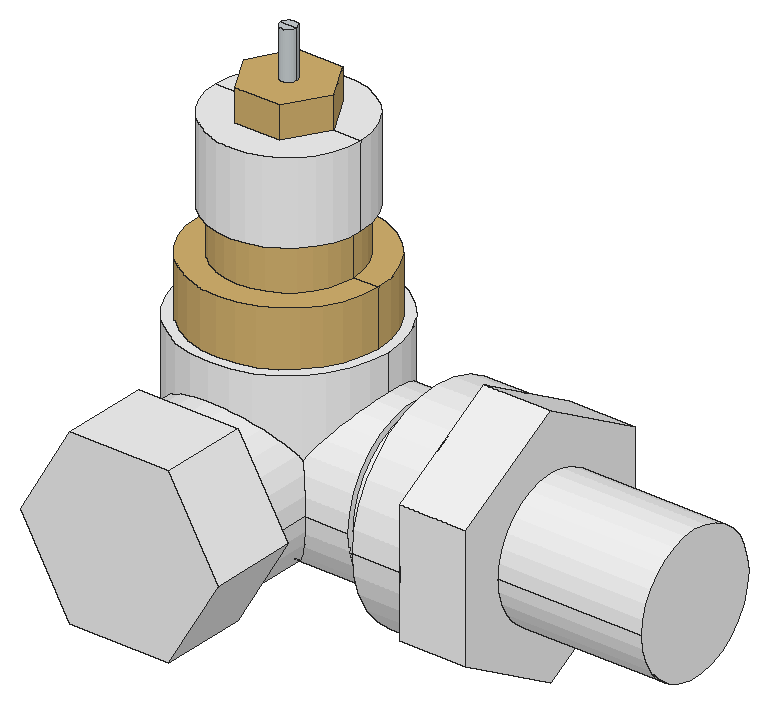
Revit family "1RA-IN_Double Angle_Left_DN10-15_RFA", category Pipe Accessories, Revit 2019
Family settings
  Round Connector Dimension = Use Diameter
  Part Type = Valve - Breaks Into
  OmniClass Number = 23.65.55.14.17
  OmniClass Title = Adjusting/Controlling Valves for Liquid Services
  Work Plane-Based = No
  Always vertical = Yes
  Cut with Voids When Loaded = No
  Shared = No
Parameters (values of type "RA-IN_Double Angle_Left_DN10_013G6572")
  Weight = 0.23 kg
  W = L_nut thread2 / 2 + L5  # 40.50 mm
  Setting Range = "1-4,N"  # constant formula
  SH = 33.00 mm  # constant formula
  R_200_1 = 15.50 mm
  R_200 = 12.60 mm
  RV6 = 10.00 mm
  RV2 = 9.80 mm
  RV3 = 13.50 mm
  RV4 = 8.50 mm
  RV1_1 = 9.80 mm
  RB3_1 = 10.30 mm
  RB2 = 10.50 mm
  RB1 = 11.30 mm
  RB = 12.80 mm
  Pressure Drop [instance] = 0.0 bar
  Model Type = "RA-IN_Double Angle_Left_DN10"
  Model = "013G6572"
  Max Operating Pressure = "10 bar"  # constant formula
  Max Medium Temperature = "120 ˚C"  # constant formula
  Max Differential Pressure = "0.6 bar"  # constant formula
  L_nut thread2 = 27.00 mm
  L_nut thread1 = 22.00 mm
  LOD 350 = not(LOD 200)  # yes
  LOD 200 = no
  L6 = 16.00 mm
  L5 = 27.00 mm
  L3 = 3.00 mm
  L1 = 16.00 mm
  L2 = 6.00 mm
  L4 = 8.50 mm
  SL = L1 + L2 + L3 + L4  # 33.50 mm
  LL = 52.00 mm
  L = RB + LL  # 64.80 mm
  Kvs = 0.65 m³/h
  IfcExportType = "RA-IN"  # constant formula
  IfcExportAs = "IfcValveType"  # constant formula
  H1 = 15.00 mm
  Valve Body Material = Danfoss Brass (Nickel plated)
  URL = "https://store.danfoss.com/fr/en/Climate-Solutions-for-heating/Radiator-Thermostats/Radiator-Valves/Build-on-valves/Presetting-valves/c/13866?q=%3Arelevance%3Adanfoss_producttypehierarchydesc%3ARA-IN%3Adanfoss_a223339155%3AA223_33915501594e3503226e5e7ace73d508d9a830"
  RV1 = 10.50 mm
  Manufacturer = "Danfoss"  # constant formula
  RB3 = 12.80 mm
  HH = 22.00 mm
  HT = 48.00 mm  # constant formula
  H = R_200_1 + HT  # 63.50 mm
  Flow [instance] = 0.0 m³/h
  Description = "Thermostatic Radiator Valve"  # constant formula
  DB4 = 25.60 mm
  D = 10.00 mm
  Connection = "Internal thread"  # constant formula
Types (2, lengths in mm): name | Weight | W | R_200_1 | R_200 | RV2 | RV3 | RV4 | RV1_1 | RB3_1 | RB2 | RB | Model Type | Model | L_nut thread2 | L_nut thread1 | L6 | L5 | L3 | L1 | L2 | L4 | SL | LL | L | Kvs | RV1 | H | DB4 | D
  RA-IN_Double Angle_Left_DN10_013G6572 | 0.23 kg | 40.50 | 15.50 | 12.60 | 9.80 | 13.50 | 8.50 | 9.80 | 10.30 | 10.50 | 12.80 | "RA-IN_Double Angle_Left_DN10" | "013G6572" | 27.00 | 22.00 | 16.00 | 27.00 | 3.00 | 16.00 | 6.00 | 8.50 | 33.50 | 52.00 | 64.80 | 0.65 m³/h | 10.50 | 63.50 | 25.60 | 10.00
  RA-IN_Double Angle_Left_DN15_013G6574 | 0.29 kg | 48.00 | 17.321 | 15.588 | 11.50 | 15.00 | 10.50 | 11.50 | 1.00 | 13.00 | 15.59 | "RA-IN_Double Angle_Left_DN15" | "013G6574" | 30.00 | 27.00 | 17.00 | 33.00 | 6.00 | 17.00 | 4.00 | 10.00 | 37.00 | 58.00 | 73.59 | 0.9 m³/h | 13.00 | 65.321 | 25.00 | 15.00
Reference planes
  plane 1 "Center (Front/Back)": y = 0
  plane 2 "XYPLANE": z = 0
  plane 3 "Center (Left/Right)": x = 0
  plane 4 "56": z = 48
  plane 5 "54": z = 7.5
  plane 6 "51": x = 0
  plane 7 "50": y = 0
  plane 8 "49": z = 0
  plane 9 "48": x = 25
  plane 10: z = 9
  plane 11: z = 15
  plane 12: x = 52
  plane 13: x = 33.5
  plane 14: x = 19
  plane 15: x = 16
  plane 16: y = -27
  plane 17: y = -16
  plane 18: z = -10.5
  plane 19: x = -12.8
  plane 20: z = -15.5
  plane 21: y = 13.5
Forms (mm)
  Extrusion 1, solid, material "Danfoss Brass (Nickel plated)" <- "Valve Body Material", visible <- "LOD 350", detail levels fine
    sketch origin (0, 0, 0) x (1, 0, 0) y (0, 1, 0)
      loop
        circle (0, 0) r 12.8
    from 15 to 0
  Extrusion 2, solid, material "Danfoss Brass (Nickel plated)" <- "Valve Body Material", visible <- "LOD 350", detail levels fine
    sketch origin (16.7, -750, 0) x (0, 1, 0) y (0, 0, 1)
      loop
        circle (750, 0) r 10.5
    from -0.7 to -16.7
  Extrusion 3, solid, material "Danfoss Brass (Nickel plated)" <- "Valve Body Material", visible <- "LOD 350", detail levels fine
    sketch origin (25, -750, 0) x (0, 1, 0) y (0, 0, 1)
      loop
        line (750, 15.588) -> (736.5, 7.794) -> (736.5, -7.794) -> (750, -15.588) -> (763.5, -7.794) -> (763.5, 7.794) -> (750, 15.588)
    from 8.5 to 0
  Extrusion 4, solid, material "Danfoss Brass (Nickel plated)" <- "Valve Body Material", visible <- "LOD 350", detail levels fine
    sketch origin (25, -750, 0) x (0, 1, 0) y (0, 0, 1)
      loop
        circle (750, 0) r 13.5
    from 0 to -6
  Blend 5, solid, material "Danfoss Brass (Nickel plated)" <- "Valve Body Material", visible <- "LOD 350", detail levels fine
    base sketch origin (0, 0, 0) x (0, 1, 0) y (0, 0, 1)
      loop
        circle (0, 0) r 9.8
    top sketch origin (0, 0, 0) x (0, 1, 0) y (0, 0, 1)
      loop
        circle (0, 0) r 9.8
    from 16 to 19
  Extrusion 6, solid, material "Danfoss Brass (Nickel plated)" <- "Valve Body Material", detail levels fine
    sketch origin (25, -750, 0) x (0, 1, 0) y (0, 0, 1)
      loop
        circle (750, 0) r 8.5
    from 8.5 to 27
  Revolve 7, solid, material "Danfoss Brass (Nickel plated)" <- "Valve Body Material", visible <- "LOD 200", detail levels fine
    sketch origin (0, 0, 0) x (1, 0, 0) y (0, 0, 1)
      loop
        line (0, -10.5) -> (12.8, -10.5) -> (12.8, 15) -> (0, 15) -> (0, -10.5)
      axis (0, -10.5) -> (0, 15)
    angle from 0 to 360
  Extrusion 8, solid, material "Danfoss Brass (Nickel plated)" <- "Valve Body Material", visible <- "LOD 200", detail levels fine
    sketch origin (0, 0, 0) x (0, 1, 0) y (0, 0, 1)
      loop
        circle (0, 0) r 10.5
    from 0 to 25
  Revolve 9, solid, material "Danfoss Brass (Nickel plated)" <- "Valve Body Material", visible <- "LOD 350", detail levels fine
    sketch origin (0, 0, 0) x (0, 1, 0) y (0, 0, 1)
      loop
        line (0, 10.5) -> (0, -10.5)
        arc (0, -10.5) -> (10.5, 0) -> (0, 10.5) r 10.5
      axis (0, -10.5) -> (0, 10.5)
    angle from 0 to 360
  Extrusion 10, solid, material "Danfoss Brass (Nickel plated)" <- "Valve Body Material", detail levels fine
    sketch origin (0, 0, 0) x (1, 0, 0) y (0, 0, 1)
      loop
        circle (0, 0) r 10.5
    from 0 to 16
  Extrusion 11, solid, material "Danfoss Brass (Nickel plated)" <- "Valve Body Material", visible <- "LOD 350", detail levels fine
    sketch origin (0, 0, 0) x (1, 0, 0) y (0, 0, 1)
      loop
        line (-6.351, 11) -> (-12.702, 0) -> (-6.351, -11) -> (6.351, -11) -> (12.702, 0) -> (6.351, 11) -> (-6.351, 11)
    from 16 to 27
  Extrusion 12, solid, material "Danfoss Brass (Nickel plated)" <- "Valve Body Material", visible <- "LOD 200", detail levels fine
    sketch origin (0, 0, 0) x (1, 0, 0) y (0, 0, 1)
      loop
        circle (0, 0) r 12.6
    from 16 to 27
  Extrusion 13, solid, material "Danfoss Brass (Nickel plated)" <- "Valve Body Material", visible <- "LOD 200", detail levels fine
    sketch origin (25, -750, 0) x (0, 1, 0) y (0, 0, 1)
      loop
        circle (750, 0) r 15.5
    from 0 to 8.5
  Blend 14, solid, material "Danfoss Brass (Nickel plated)" <- "Valve Body Material", visible <- "LOD 350", detail levels fine
    base sketch origin (0, 0, 0) x (1, 0, 0) y (0, 1, 0)
      loop
        circle (0, 0) r 10.3
    top sketch origin (0, 0, 0) x (1, 0, 0) y (0, 1, 0)
      loop
        circle (0, 0) r 12.8
    from -3 to 0
Lines and regions (mm)
  reference lines, not visible
    curve 1: circle (2, 2, 0) r 1 normal (0, 0, 1)
  reference lines
    curve 2: line (0, 0, -22) -> (0, 5, -22)
    curve 3: line (25, 0, 0) -> (25, 2.625, -4.547)
    curve 4: line (25, 0, 0) -> (25, 5.25, 0)
    curve 5: line (25, 0, 0) -> (25, 2.625, 4.547)
Dimensions and locks
  plane 1 "Center (Front/Back)" to curve 1 = 2.00 mm
  locked: plane 3 "Center (Left/Right)" to plane 6 "51"
  locked: plane 1 "Center (Front/Back)" to plane 7 "50"
  locked: plane 2 "XYPLANE" to plane 8 "49"
  "LL": plane 12 to plane 3 "Center (Left/Right)"
  "L4": plane 9 "48" to plane 13
  "L2": plane 14 to plane 9 "48"
  "L3": plane 15 to plane 14
  "L1": plane 3 "Center (Left/Right)" to plane 15
  plane 9 "48" to plane 3 "Center (Left/Right)" = 25.00 mm
  "RB3": Revolve 7 sketch curve to Revolve 7 sketch curve
  equal spacing: Extrusion 3 sketch curve, plane 1 "Center (Front/Back)", Extrusion 3 sketch curve  (x3)
  "L_nut thread2": Extrusion 3 sketch curve to Extrusion 3 sketch curve  (x3)
  "L5": plane 16 to plane 1 "Center (Front/Back)"
  "L6": plane 17 to plane 1 "Center (Front/Back)"
  "L_nut thread1": Extrusion 11 sketch curve to Extrusion 11 sketch curve  (x3)
  equal spacing: Extrusion 11 sketch curve, level, Extrusion 11 sketch curve
  equal spacing: Extrusion 11 sketch curve, plane 3 "Center (Left/Right)", Extrusion 11 sketch curve  (x2)
  "RB2": level to plane 18
  "R_200_1": level to plane 20
  "H": plane 4 "56" to plane 20
  "W": plane 21 to plane 16
  "L": plane 12 to plane 19
  "H1": plane 11 to level
  plane 4 "56" to level = 48.00 mm
  "RB3": radius of Extrusion 1 sketch curve
  "RV1": radius of Extrusion 2 sketch curve
  "RV3": radius of Extrusion 4 sketch curve
  "RV1_1": radius of Blend 5 sketch curve
  "RV2": radius of Blend 5 sketch curve
  "RV4": radius of Extrusion 6 sketch curve
  "RV1": radius of Extrusion 8 sketch curve
  "RB2": radius of Revolve 9 sketch curve
  "RB2": radius of Extrusion 10 sketch curve
  "R_200": radius of Extrusion 12 sketch curve
  "R_200_1": radius of Extrusion 13 sketch curve
  "RB3_1": radius of Blend 14 sketch curve
  "RB3": radius of Blend 14 sketch curve
  locked: curve 4 to curve 3 (angle 60.00°)
  locked: curve 5 to curve 4 (angle 60.00°)
  locked: curve 5 to curve 3 (angle 120.00°)
  angle Extrusion 11 sketch curve to Extrusion 11 sketch curve = 120.00°  (x6)
  angle Extrusion 3 sketch curve to Extrusion 3 sketch curve = 120.00°  (x6)
  aligned and locked: level to plane 2 "XYPLANE"
  aligned and locked: plane 6 "51" to Extrusion 1 sketch curve
  aligned and locked: plane 7 "50" to Extrusion 1 sketch curve
  aligned and locked: Extrusion 2 sketch curve to plane 7 "50"
  aligned and locked: plane 8 "49" to Extrusion 2 sketch curve
  aligned and locked: curve 5 to plane 7 "50"
  aligned and locked: plane 8 "49" to curve 5
  aligned and locked: plane 8 "49" to Extrusion 4 sketch curve
  aligned and locked: Extrusion 2 to plane 15
  aligned and locked: Extrusion 4 to plane 14
  aligned and locked: plane 1 "Center (Front/Back)" to Extrusion 4 sketch curve
  aligned and locked: level to Extrusion 4 sketch curve
  aligned and locked: Extrusion 3 to plane 9 "48"
  aligned and locked: plane 13 to Extrusion 3
  aligned and locked: Extrusion 2 to plane 3 "Center (Left/Right)"
  aligned and locked: plane 1 "Center (Front/Back)" to Blend 5 sketch curve  (x2)
  aligned and locked: level to Blend 5 sketch curve  (x2)
  aligned and locked: Blend 5 to plane 15
  aligned and locked: Blend 5 to plane 14
  aligned and locked: plane 1 "Center (Front/Back)" to Extrusion 6 sketch curve
  aligned and locked: level to Extrusion 6 sketch curve
  aligned and locked: Extrusion 6 to plane 13
  aligned and locked: plane 12 to Extrusion 6
  aligned and locked: Revolve 7 sketch curve to plane 3 "Center (Left/Right)"
  aligned and locked: Revolve 7 sketch curve to Revolve 7 sketch curve
  aligned and locked: level to Extrusion 8 sketch curve
  aligned and locked: plane 1 "Center (Front/Back)" to Extrusion 8 sketch curve
  aligned and locked: Extrusion 8 to plane 9 "48"
  aligned and locked: Extrusion 1 to level
  aligned and locked: plane 1 "Center (Front/Back)" to Revolve 9 sketch curve  (x2)
  aligned and locked: level to Revolve 9 sketch curve
  aligned and locked: Revolve 9 sketch curve to plane 1 "Center (Front/Back)"
  aligned and locked: plane 3 "Center (Left/Right)" to Extrusion 10 sketch curve
  aligned and locked: level to Extrusion 10 sketch curve
  aligned and locked: Extrusion 10 to plane 17
  aligned and locked: Extrusion 11 to plane 16
  aligned and locked: plane 17 to Extrusion 11
  aligned and locked: plane 11 to Revolve 7
  aligned and locked: plane 18 to Revolve 7
  aligned and locked: plane 3 "Center (Left/Right)" to Extrusion 12 sketch curve
  aligned and locked: level to Extrusion 12 sketch curve
  aligned and locked: plane 17 to Extrusion 12
  aligned and locked: Extrusion 12 to plane 16
  aligned and locked: plane 1 "Center (Front/Back)" to Extrusion 13 sketch curve
  aligned and locked: level to Extrusion 13 sketch curve
  aligned and locked: Extrusion 13 to plane 9 "48"
  aligned and locked: plane 13 to Extrusion 13
  aligned and locked: plane 11 to Extrusion 1
  aligned and locked: plane 6 "51" to Blend 14 sketch curve
  aligned and locked: plane 7 "50" to Blend 14 sketch curve
  aligned and locked: level to Blend 14
  aligned and locked: plane 11 to nested 1
  aligned and locked: plane 3 "Center (Left/Right)" to nested 1
  aligned and locked: plane 1 "Center (Front/Back)" to nested 1
  aligned and locked: plane 1 "Center (Front/Back)" to nested 2
  aligned and locked: plane 3 "Center (Left/Right)" to nested 2
Automatic sketch dimensions
  plane 3 "Center (Left/Right)" to curve 1 = 2.00 mm
  curve 2 to plane 3 "Center (Left/Right)" = 0.00 mm
  plane 1 "Center (Front/Back)" to curve 2 = 0.00 mm
  curve 2 to plane 1 "Center (Front/Back)" = 5.00 mm
  Revolve 7 sketch curve to plane 18 = 0.00 mm
  Revolve 7 sketch curve to plane 5 "54" = 0.00 mm
  Revolve 7 sketch curve to plane 11 = 0.00 mm
  Revolve 7 sketch curve to Revolve 7 sketch curve = 1.00 mm
  Revolve 9 sketch curve to plane 5 "54" = 0.00 mm
  plane 20 to Revolve 9 sketch curve = 1.00 mm
  Extrusion 10 sketch curve to level = 0.00 mm
  Blend 14 sketch curve to plane 3 "Center (Left/Right)" = 0.00 mm  (x2)
  plane 1 "Center (Front/Back)" to Blend 14 sketch curve = 0.00 mm
  radius of curve 1 = 1.00 mm
Nested families
  nested 1: "connection neck" at (0, 0, 15), LOD 200 <- "LOD 200", type "connection", detail levels fine
    with LOD 350 yes, LOD 200 no, DN20(350) no, DN10-15(350) yes
  nested 2: "Schematic_TRV_Angle Left" at (0, 0, 0), type "Schematic_TRV_Angle Left", detail levels coarse+medium
Connectors
  piping at (0, -27, 0), diameter 10, driven by "D", driven by "Flow"
    settings: on Extrusion 11, index 1, connector inside diameter 609.6 mm, connector length 0.00 mm, flow factor 0, pipe flow 0.0 m³/h, pressure drop 0.0 bar, fitting loss kfactor 0, connector angle 0.00°, fixture units 0, engagement length 0.00 mm, angle of deflection 0.00°, flow configuration 0, flow direction 1, fitting loss method 0, system type 29, joint type 0, gender type 0, connector reference index 2, connector utility 0, adjustable connector no, is connector primary yes, connector description ""
  piping at (33.5, 0, 0), diameter 10, driven by "D", driven by "Flow"
    settings: on Extrusion 3, index 2, connector inside diameter 609.6 mm, connector length 0.00 mm, flow factor 0, pipe flow 0.0 m³/h, pressure drop 0.0 bar, fitting loss kfactor 0, connector angle 0.00°, fixture units 0, engagement length 0.00 mm, angle of deflection 0.00°, flow configuration 0, flow direction 2, fitting loss method 0, system type 29, joint type 0, gender type 0, connector reference index 1, connector utility 0, adjustable connector no, is connector primary no, connector description ""
Definition of nested family "connection neck"
  Parameters (values of type "connection")
    Model = ""
    Valve Body Material = none
    LOD 350 [instance] = not(LOD 200)  # yes
    LOD 200 [instance] = no
    IfcExportType = "Connection neck"  # constant formula
    IfcExportAs = "IfcValveType"  # constant formula
    URL = "https://store.danfoss.com/en/Climate-Solutions-for-heating/Radiator-Thermostats/Radiator-Valves/Build-on-valves/Presetting-valves/c/13866?q=%3Arelevance%3Adanfoss_producttypehierarchydesc%3ARA-N&text="
    Manufacturer = "Danfoss"  # constant formula
    HT1 = if(D = 20.00 mm, 12.55 mm, 12.65 mm)  # 12.55 mm
    HT = 33.00 mm  # constant formula
    H [instance] = 33.00 mm
    Description = "Thermostatic Radiator Valve"  # constant formula
    DN20(350) [instance] = and((LOD 350), D = 20.00 mm)  # yes
    DN10-15(350) [instance] = and((LOD 350), D < 20.00 mm)  # no
    D = 20.00 mm
  Reference planes
    plane 1 "Center (Front/Back)": y = 0
    plane 2 "XYPLANE": z = 6
    plane 3 "Center (Left/Right)": x = 0
    plane 4 "67": z = 26.93
    plane 5 "66": z = 7
    plane 6 "63": x = 0
    plane 7 "60": y = 0
    plane 8 "59": z = 0
    plane 9: z = 33
    plane 10: z = 12.65
    plane 11: z = 0
    plane 12 "HT1": z = 12.55
    plane 13: z = 6.1
    plane 14: z = 22.93
  Forms (mm)
    Revolve 1, solid, detail levels fine
      sketch origin (0, 0, 0) x (1, 0, 0) y (0, 0, 1)
        loop
          line (0, 33) -> (0, 26.93) -> (1, 26.93) -> (1, 33) -> (0, 33)
        axis (0, 26.93) -> (0, 33)
      angle from 0 to 360
    Revolve 2, solid, visible <- "DN10-15(350)", detail levels fine
      sketch origin (0, 0, 0) x (1, 0, 0) y (0, 0, 1)
        loop
          line (0, 0) -> (11.5, 0) -> (11.5, 7) -> (8.3, 7) -> (8.3, 12.55) -> (0, 12.55) -> (0, 0)
        axis (0, 12.55) -> (0, 0)
      angle from 0 to 360
    Revolve 3, solid, material <- "Valve Body Material", detail levels fine
      sketch origin (0, 0, 0) x (1, 0, 0) y (0, 0, 1)
        loop
          line (0, 22.93) -> (0, 12.55) -> (9.3, 12.55) -> (9.3, 22.93) -> (0, 22.93)
        axis (0, 12.55) -> (0, 22.93)
      angle from 0 to 360
    Revolve 4, solid, visible <- "LOD 200", detail levels fine
      sketch origin (0, 0, 0) x (1, 0, 0) y (0, 0, 1)
        loop
          line (0, 0) -> (11.5, 0) -> (11.5, 12.55) -> (0, 12.55) -> (0, 0)
        axis (0, 0) -> (0, 12.55)
      angle from 0 to 360
    Extrusion 5, solid, visible <- "LOD 350", detail levels fine
      sketch origin (0, 0, 0) x (1, 0, 0) y (0, 1, 0)
        loop
          line (-2.887, 5) -> (-5.774, 0) -> (-2.887, -5) -> (2.887, -5) -> (5.774, 0) -> (2.887, 5) -> (-2.887, 5)
      from 22.93 to 26.93
    Revolve 6, solid, visible <- "LOD 200", detail levels fine
      sketch origin (0, 0, 0) x (1, 0, 0) y (0, 0, 1)
        loop
          line (0, 26.93) -> (0, 22.93) -> (5.774, 22.93) -> (5.774, 26.93) -> (0, 26.93)
        axis (0, 26.93) -> (0, 22.93)
      angle from 0 to 360
    Revolve 7, solid, visible <- "DN20(350)", detail levels fine
      sketch origin (0, 0, 0) x (1, 0, 0) y (0, 0, 1)
        loop
          line (0, 0) -> (11.5, 0) -> (11.5, 6.1) -> (8.3, 6.1) -> (8.3, 12.55) -> (0, 12.55) -> (0, 0)
        axis (0, 12.55) -> (0, 0)
      angle from 0 to 360
  Lines and regions (mm)
    reference lines, not visible
      curve 1: circle (2, 2, 0) r 1 normal (0, 0, 1)
    reference lines, visible <- "LOD 350"
      curve 2: line (32, 0, 0) -> (32, 5.846, -3.375)
      curve 3: line (32, 0, 0) -> (32, 0, -6.75)
      curve 4: line (32, 0, 0) -> (32, -5.846, -3.375)
      curve 5: line (-29, 0, 0) -> (-29, -4.98, -2.875)
      curve 6: line (-29, 0, 0) -> (-29, 0, -5.75)
      curve 7: line (-29, 0, 0) -> (-29, 4.98, -2.875)
  Dimensions and locks
    plane 1 "Center (Front/Back)" to curve 1 = 2.00 mm
    locked: plane 3 "Center (Left/Right)" to plane 6 "63"
    locked: plane 1 "Center (Front/Back)" to plane 7 "60"
    plane 8 "59" to plane 2 "XYPLANE" = 6.00 mm
    "HT": plane 9 to level
    Revolve 3 sketch curve to Revolve 3 sketch curve = 9.30 mm
    Revolve 2 sketch curve to plane 3 "Center (Left/Right)" = 11.50 mm
    Revolve 2 sketch curve to plane 3 "Center (Left/Right)" = 8.30 mm
    Revolve 4 sketch curve to Revolve 4 sketch curve = 11.50 mm
    Extrusion 5 sketch curve to Extrusion 5 sketch curve = 10.00 mm  (x3)
    equal spacing: Extrusion 5 sketch curve, plane 1 "Center (Front/Back)", Extrusion 5 sketch curve
    equal spacing: Extrusion 5 sketch curve, plane 3 "Center (Left/Right)", Extrusion 5 sketch curve  (x2)
    Revolve 6 sketch curve to Revolve 6 sketch curve = 5.774 mm
    "H": plane 9 to plane 11
    Revolve 1 sketch curve to Revolve 1 sketch curve = 1.00 mm
    locked: level to plane 11
    Revolve 7 sketch curve to plane 3 "Center (Left/Right)" = 8.30 mm
    Revolve 7 sketch curve to plane 3 "Center (Left/Right)" = 11.50 mm
    plane 10 to plane 5 "66" = 5.65 mm
    "HT1": plane 12 "HT1" to level
    locked: plane 13 to level at 6.1
    plane 12 "HT1" to plane 13 = 6.45 mm
    locked: plane 14 to plane 12 "HT1" at 10.38
    locked: plane 4 "67" to plane 14 at 4
    locked: plane 5 "66" to level at 7
    locked: curve 3 to curve 2 (angle 60.00°)
    locked: curve 4 to curve 3 (angle 60.00°)
    locked: curve 4 to curve 2 (angle 120.00°)
    locked: curve 6 to curve 5 (angle 60.00°)
    locked: curve 7 to curve 6 (angle 60.00°)
    locked: curve 7 to curve 5 (angle 120.00°)
    aligned and locked: curve 4 to plane 7 "60"
    aligned and locked: plane 8 "59" to curve 4
    aligned and locked: curve 7 to plane 7 "60"
    aligned and locked: plane 8 "59" to curve 7
    aligned and locked: Revolve 1 sketch curve to plane 6 "63"
    aligned and locked: Revolve 1 sketch curve to plane 9
    aligned and locked: plane 6 "63" to Revolve 1 sketch curve
    aligned and locked: Revolve 2 sketch curve to plane 5 "66"
    aligned and locked: Revolve 2 sketch curve to plane 3 "Center (Left/Right)"
    aligned and locked: Revolve 2 sketch curve to Revolve 2 sketch curve
    aligned and locked: Revolve 3 sketch curve to plane 6 "63"
    aligned and locked: plane 6 "63" to Revolve 3 sketch curve
    aligned and locked: Revolve 4 sketch curve to plane 6 "63"
    aligned and locked: plane 2 "XYPLANE" to Revolve 4 sketch curve
    aligned and locked: plane 6 "63" to Revolve 4 sketch curve
    aligned and locked: Revolve 1 sketch curve to plane 4 "67"
    aligned and locked: plane 4 "67" to Revolve 1 sketch curve
    aligned and locked: Revolve 2 sketch curve to plane 11
    aligned and locked: plane 11 to Revolve 2 sketch curve
    aligned and locked: plane 4 "67" to Extrusion 5
    aligned and locked: plane 10 to Revolve 4
    aligned and locked: Revolve 6 sketch curve to plane 6 "63"  (x2)
    aligned and locked: Revolve 6 sketch curve to plane 4 "67"
    aligned and locked: Revolve 6 sketch curve to Revolve 1
    aligned and locked: Revolve 6 sketch curve to Revolve 6 sketch curve
    aligned and locked: Revolve 7 sketch curve to level
    aligned and locked: Revolve 7 sketch curve to plane 3 "Center (Left/Right)"  (x2)
    aligned and locked: Revolve 4 sketch curve to plane 12 "HT1"
    aligned and locked: Revolve 3 sketch curve to plane 12 "HT1"
    aligned and locked: Revolve 2 sketch curve to plane 12 "HT1"
    aligned and locked: Revolve 7 sketch curve to plane 12 "HT1"
    aligned and locked: Revolve 7 sketch curve to plane 13
    aligned and locked: Revolve 3 sketch curve to plane 14
    aligned and locked: Extrusion 5 to plane 14
  Automatic sketch dimensions
    plane 3 "Center (Left/Right)" to curve 1 = 2.00 mm
    plane 9 to Revolve 1 sketch curve = 0.838 mm
    Revolve 3 sketch curve to plane 3 "Center (Left/Right)" = 0.00 mm
    plane 5 "66" to Revolve 3 sketch curve = 2.50 mm
    Revolve 3 sketch curve to plane 9 = 1.691 mm
    Revolve 4 sketch curve to plane 11 = 0.00 mm
    Revolve 4 sketch curve to plane 9 = 0.30 mm
    plane 1 "Center (Front/Back)" to Extrusion 5 sketch curve = 0.00 mm
    Extrusion 5 sketch curve to Extrusion 5 sketch curve = 2.887 mm
    Revolve 7 sketch curve to Revolve 7 sketch curve = 0.00 mm
    Revolve 7 sketch curve to Revolve 7 sketch curve = 11.48 mm
    Revolve 2 sketch curve to plane 4 "67" = 3.00 mm
    Revolve 6 sketch curve to plane 4 "67" = 4.00 mm
    radius of curve 1 = 1.00 mm
Definition of nested family "Schematic_TRV_Angle Left"
  Parameters (values of type "Schematic_TRV_Angle Left")
    L2 = 40.00 mm
    L1 = 40.00 mm
    HT = 37.00 mm
    LA = 4 / 5 * D  # 24.00 mm
    D = 30.00 mm
  Reference planes
    plane 1 "Center (Front/Back)": y = 0
    plane 2: z = 0
    plane 3 "Center (Left/Right)": x = 0
    plane 4: z = 15
    plane 5: z = -15
    plane 6: y = 15
    plane 7: y = -15
    plane 8: x = -12
    plane 9: x = 12
    plane 10 "centerline": z = 0
    plane 11: z = -7.5
    plane 12: z = 37
    plane 13: y = -30
    plane 14: z = 15
    plane 15: z = -15
    plane 16: y = -40
    plane 17: y = -23.71
    plane 18: x = -15
    plane 19: x = 15
    plane 20: x = -12
    plane 21: x = 12
    plane 22: y = 37
    plane 23: x = 30
    plane 24: x = 40
  Lines and regions (mm)
    model lines
      curve 1: line (0, -30, 15) -> (0, -30, -15)
      curve 2: line (0, -30, 15) -> (0, 0, 0)
      curve 3: line (0, -30, -15) -> (0, 0, 0)
      curve 4: line (0, -40, 0) -> (0, -30, 0)
      curve 9: line (0, 0, 0) -> (0, 0, 37)
      curve 10: line (-12, 0, 37) -> (12, 0, 37)
      curve 13: line (30, 0, 15) -> (30, 0, -15)
      curve 14: line (30, 0, -15) -> (0, 0, 0)
      curve 15: line (0, 0, 0) -> (30, 0, 15)
      curve 16: line (30, 0, 0) -> (40, 0, 0)
    symbolic lines
      curve 5: line (-15, -30, 0) -> (0, 0, 0)
      curve 6: line (0, 0, 0) -> (15, -30, 0)
      curve 7: line (15, -30, 0) -> (-15, -30, 0)
      curve 8: line (0, -40, 0) -> (0, -30, 0)
      curve 11: line (-12, 37, 0) -> (12, 37, 0)
      curve 12: line (0, 0, 0) -> (0, 37, 0)
      curve 17: line (0, 0, 0) -> (30, 15, 0)
      curve 18: line (30, 15, 0) -> (30, -15, 0)
      curve 19: line (30, -15, 0) -> (0, 0, 0)
      curve 20: line (30, 0, 0) -> (40, 0, 0)
  Dimensions and locks
    "D": plane 4 to plane 5
    equal spacing: plane 4, level, plane 5
    "D": plane 7 to plane 6
    equal spacing: plane 7, plane 1 "Center (Front/Back)", plane 6
    "LA": plane 9 to plane 8
    equal spacing: plane 9, plane 3 "Center (Left/Right)", plane 8
    "D": plane 13 to plane 1 "Center (Front/Back)"
    equal spacing: plane 14, level, plane 15
    "D": plane 14 to plane 15
    "L2": plane 16 to plane 1 "Center (Front/Back)"
    "D": plane 18 to plane 19
    equal spacing: plane 18, plane 3 "Center (Left/Right)", plane 19
    "HT": plane 12 to level
    equal spacing: plane 20, plane 3 "Center (Left/Right)", plane 21
    "LA": plane 20 to plane 21
    plane 16 to plane 1 "Center (Front/Back)" = 40.00 mm
    "HT": plane 1 "Center (Front/Back)" to plane 22
    "D": plane 23 to plane 3 "Center (Left/Right)"
    "L1": plane 24 to plane 3 "Center (Left/Right)"
    aligned and locked: level to plane 2
    aligned and locked: plane 13 to curve 1
    aligned and locked: plane 15 to curve 1
    aligned and locked: plane 14 to curve 1
    aligned and locked: curve 4 to level
    aligned and locked: plane 16 to curve 4
    aligned and locked: plane 13 to curve 4
    aligned and locked: plane 16 to curve 8
    aligned and locked: plane 13 to curve 8
    aligned and locked: plane 3 "Center (Left/Right)" to curve 9
    aligned and locked: level to curve 9
    aligned and locked: plane 12 to curve 9
    aligned and locked: plane 20 to curve 10
    aligned and locked: plane 21 to curve 10
    aligned and locked: plane 22 to curve 11
    aligned and locked: plane 8 to curve 11
    aligned and locked: plane 9 to curve 11
    aligned and locked: plane 3 "Center (Left/Right)" to curve 12
    aligned and locked: plane 22 to curve 12
    aligned and locked: curve 13 to plane 23
    aligned and locked: plane 24 to curve 16
    aligned and locked: plane 23 to curve 16
    aligned and locked: curve 16 to level
    aligned and locked: curve 18 to plane 23
    aligned and locked: plane 24 to curve 20
    aligned and locked: plane 23 to curve 20
    aligned and locked: plane 1 "Center (Front/Back)" to curve 20
  Automatic sketch dimensions
    curve 3 to level = 0.00 mm
    curve 3 to plane 1 "Center (Front/Back)" = 0.00 mm
    curve 14 to plane 5 = 0.00 mm
    curve 15 to plane 4 = 0.00 mm
    curve 7 to plane 18 = 0.00 mm
    curve 8 to plane 3 "Center (Left/Right)" = 0.00 mm
    curve 6 to plane 19 = 0.00 mm
    plane 7 to curve 18 = 0.00 mm
    plane 6 to curve 18 = 0.00 mm
